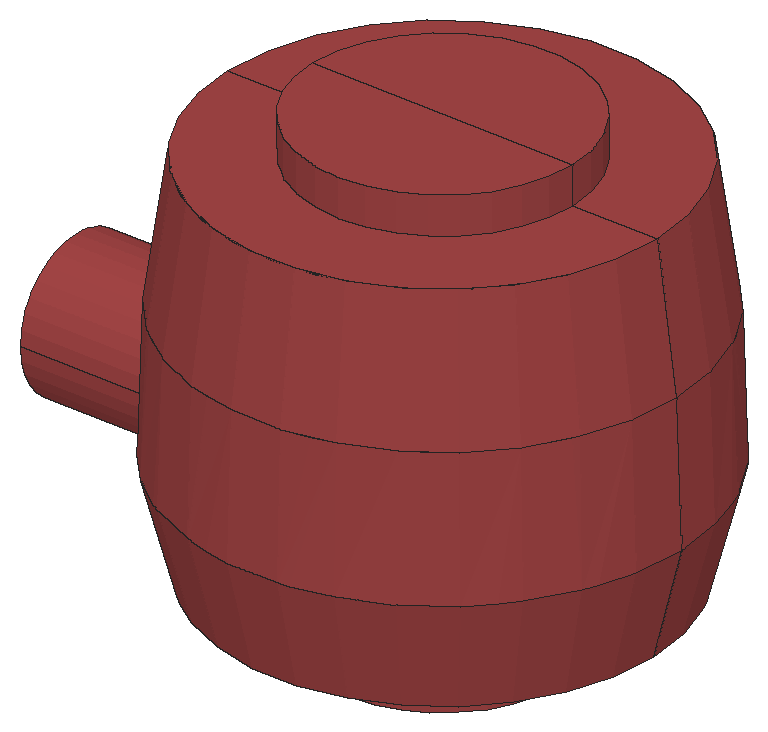
Revit family
Parameters (values of type "Viking - Deluge Valve - E-3 (Angle)")
  Weight = 13.00 lbf
  Viking Part Number = "09889"
  URL = "http://www.vikinggroupinc.com/databook/deluge/valves/031797.pdf"
  Rev. Date = "12-17-09"
  Priming Chamber Outlet Offset fr Btm = 3.879"
  Outlet Chamber Offset fr Btm = 1.750"
  Outlet Chamber Ext fr Ctr = 3.875"
  Model = "E-3"
  Maximum Pressure = "250 psi"
  Manufacturer = "The Viking Corporation"
  LR 6 = 2.529"
  LR 5 = 2.483"
  LR 4 = 2.275"
  LR 3 = 2.232"
  LR 2 = 1.375"
  LR 1 = 1.224"
  Inlet Chamber Offset fr Btm = 2.125"
  Friction Loss (Feet of Sch 40 Pipe) = 10.000"
  Fricion Loss (length of Sch. 40) = "10 ft"
  TOP = 4.994"
  Description = "E-3 Deluge Valve"
  Connector Radius = 0.750"
  BT D = 4.607"
  BT C = 3.175"
  BT B = 1.741"
  BT A = 0.625"
  Assembly Code = ""
Reference planes (in)
  plane 1 "Center (Front/Back)": y = 0
  plane 2 "BOTTOM": z = 0
  plane 3 "Center (Left/Right)": x = 0
  plane 4 "BT A": z = 0.625
  plane 5 "BT B": z = 1.741
  plane 6 "BT C": z = 3.175
  plane 7 "BT D": z = 4.607
  plane 8 "BT E": z = 4.992
  plane 9 "TOP": z = 4.994
  plane 10 "LR 1": x = 1.224
  plane 11 "LR 2": x = 1.375
  plane 12 "LR 3": x = 2.232
  plane 13 "LR 4": x = 2.275
  plane 14 "LR 5": x = 2.483
  plane 15 "LR 6": x = 2.529
  plane 16 "Inlet Chamber Offset fr Btm": z = 2.125
  plane 17 "Outlet Chamber Offset fr Btm": z = 1.75
  plane 18 "Outlet Chamber Ext fr Ctr": x = 3.875
  plane 19 "Priming Chamber Outlet Offset fr Btm": z = 3.879
Forms (in)
  Revolve 1, solid, material "Viking Valve Red"
    sketch origin (0, 0, 0) x (1, 0, 0) y (0, 0, 1)
      loop
        line (0, 0) -> (1.224, 0) -> (1.224, 0.625) -> (2.232, 0.625) -> (2.529, 1.741) -> (2.483, 3.175) -> (2.275, 4.607) -> (1.375, 4.607) -> (1.375, 4.994) -> (0, 4.994) -> (0, 0)
      axis (0, 0) -> (0, 4.994)
    angle from 0 to 360
  Extrusion 2, void
    sketch origin (0, 0, 0) x (1, 0, 0) y (0, 1, 0)
      loop
        circle (0, 0) r 0.75
    from 0 to 2.125
  Extrusion 3, solid, material "Viking Valve Red"
    sketch origin (0, 0, 0) x (0, 1, 0) y (0, 0, 1)
      loop
        circle (0, 1.75) r 0.75
    from -1.176 to -3.875
  Extrusion 4, void
    sketch origin (0, 0, 0) x (1, 0, 0) y (0, 1, 0)
      loop
        circle (0, 0) r 0.125
    from 3.879 to 4.994
Cuts and joins
  joined: Revolve 1, Extrusion 3
Dimensions and locks (in)
  "BT A": plane 4 "BT A" to plane 2 "BOTTOM"
  "BT B": plane 5 "BT B" to plane 2 "BOTTOM"
  "BT C": plane 6 "BT C" to plane 2 "BOTTOM"
  "BT D": plane 7 "BT D" to plane 2 "BOTTOM"
  locked: plane 8 "BT E" to plane 2 "BOTTOM" at 4.992
  "TOP": plane 9 "TOP" to plane 2 "BOTTOM"
  "LR 1": plane 10 "LR 1" to plane 3 "Center (Left/Right)"
  "LR 2": plane 11 "LR 2" to plane 3 "Center (Left/Right)"
  "LR 3": plane 12 "LR 3" to plane 3 "Center (Left/Right)"
  "LR 4": plane 13 "LR 4" to plane 3 "Center (Left/Right)"
  "LR 5": plane 14 "LR 5" to plane 3 "Center (Left/Right)"
  "LR 6": plane 15 "LR 6" to plane 3 "Center (Left/Right)"
  "Inlet Chamber Offset fr Btm": plane 16 "Inlet Chamber Offset fr Btm" to plane 2 "BOTTOM"
  "Outlet Chamber Offset fr Btm": plane 17 "Outlet Chamber Offset fr Btm" to plane 2 "BOTTOM"
  "Outlet Chamber Ext fr Ctr": plane 18 "Outlet Chamber Ext fr Ctr" to plane 3 "Center (Left/Right)"
  "Priming Chamber Outlet Offset fr Btm": plane 19 "Priming Chamber Outlet Offset fr Btm" to plane 2 "BOTTOM"
Automatic sketch dimensions
  Revolve 1 sketch curve to level = 0.000"  (x2)
  Revolve 1 sketch curve to plane 3 "Center (Left/Right)" = 0.000"  (x2)
  Revolve 1 sketch curve to plane 10 "LR 1" = 0.000"
  Revolve 1 sketch curve to plane 7 "BT D" = 0.000"
  Revolve 1 sketch curve to plane 11 "LR 2" = 0.000"
  Revolve 1 sketch curve to plane 4 "BT A" = 0.000"
  Revolve 1 sketch curve to plane 12 "LR 3" = 0.000"
  Revolve 1 sketch curve to plane 13 "LR 4" = 0.000"
  Revolve 1 sketch curve to plane 6 "BT C" = 0.000"
  Revolve 1 sketch curve to plane 14 "LR 5" = 0.000"
  Revolve 1 sketch curve to plane 5 "BT B" = 0.000"
  Revolve 1 sketch curve to plane 15 "LR 6" = 0.000"
  Revolve 1 sketch curve to plane 9 "TOP" = 0.000"  (x2)
  Extrusion 2 sketch curve to plane 1 "Center (Front/Back)" = 0.000"
  Extrusion 2 sketch curve to plane 3 "Center (Left/Right)" = 0.000"
  Extrusion 3 sketch curve to plane 1 "Center (Front/Back)" = 0.000"
  Extrusion 3 sketch curve to plane 17 "Outlet Chamber Offset fr Btm" = 0.000"
  Extrusion 4 sketch curve to plane 1 "Center (Front/Back)" = 0.000"
  Extrusion 4 sketch curve to plane 3 "Center (Left/Right)" = 0.000"
  radius of Extrusion 2 sketch curve = 0.750"
  radius of Extrusion 3 sketch curve = 0.750"
  radius of Extrusion 4 sketch curve = 0.125"
Connectors (in)
  piping at (0, 0, 0), driven by "Connector Radius"
    settings: on Extrusion 2, index 1
  piping at (-3.875, 0, 1.75), driven by "Connector Radius"
    settings: on Extrusion 3, index 2
